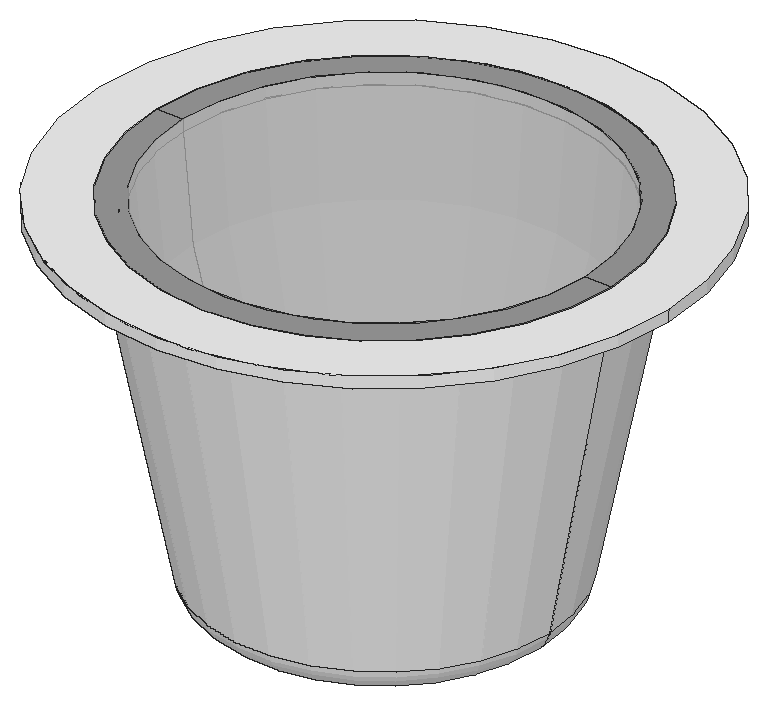
Revit family "2060526 Sylvania Lighting Fixture ASCENT100 II ARCH 1200 4K STD EMG 120", category Lighting Fixtures, host Face, Revit 2016
Family settings
  Host = Face
  Part Type = Normal
  Round Connector Dimension = Use Diameter
  OmniClass Number = 23.80.70.11.17
  OmniClass Title = Specialized Lighting by Location or Use
  Cut with Voids When Loaded = No
  Light Source = Yes
  Shared = No
  Room Calculation Point = No
Parameters (values of type "2060526 ASCT100 II ARCH 1200 4K STD EMG 120 Emergency mode")
  Weight = "1.43 kg"
  WarrantyStartDate [instance] = "n/a"
  WarrantyGuarantorParts = "n/a"
  WarrantyDurationUnit = "n/a"
  WarrantyDurationParts = "n/a"
  WarrantyDescription = "n/a"
  Voltage = 0 V
  TypeName = "ASCT100 II ARCH 1200 4K STD EMG 120 Emergency mode"
  SerialNumber [instance] = "n/a"
  ReflectorRadius_SYL = Radius_SYL - 15.0 mm  # 60.0 mm
  PowerFactor = 0
  PowerConsumption = "12 W"
  NominalWidth = 0.0 mm
  NominalLength = 0.0 mm
  NominalHeight = 94.0 mm
  Name = "ASCT100 II ARCH 1200 4K STD EMG 120 Emergency mode"
  ModelReference = "ASCT100 II ARCH 1200 4K STD EMG 120 Emergency mode"
  ModelNumber = "2060526"
  Material_4_SYL = Aluminium_Sylvania_Ascent_Silver
  Radius_SYL = 75.0 mm
  Wattage = 1.67647 W
  built-in parameter 1150110 = 1 (stored number, unit not read)
  URL = "http://www.sylvania-lighting.com"
  built-in parameter 1114217 = 1 (stored number, unit not read)
  Tilt Angle = -90°
  built-in parameter 1150109 = 1 (stored number, unit not read)
  built-in parameter 1150134 = 12
  built-in parameter 1150113 = 1 (stored number, unit not read)
  Photometric Web File = "2060526EM.ies"
  Material = "aluminium housing, acrylic diffuser"
  ManufacturerName = "Feilo Sylvania"
  LuminousEfficacy = "102 lm/W"
  LuminaireType = ""
  LightOutputRatio = "100"
  LampsType = Lamp  # "LED"
  LampNominalLuminous = "1228 lm"
  LampMacAdamStep = "n/a"
  LampColourTemperature = "4000 K"
  LampColourRenderingIndex = "80"
  Keynote = "16500"
  InstallationDate [instance] = "n/a"
  InputVoltage = "n/a"
  InputNominalFrequency = "n/a"
  IngressProtection = "IP40"
  ImpactProtectionIndex = "IK02"
  IfcExportType = "IfcLightFixtureType"
  IfcExportAs = "IfcLightFixtureType"
  Height_SYL = 94.0 mm
  ExpectedLife = 50000
  Emit from Circle Diameter = 2 * DiffuserRadius_SYL  # 106.0 mm
  Emit Shape Visible in Rendering = no
  ElectricShockClassification = "Class II"
  DurationUnit = "hours"
  DocumentationLiterature = "http://www.sylvania-lighting.com/product/en-int/products/2060526"
  DimmingControlOptions = "n/a"
  DiffuserRadius_SYL = ReflectorRadius_SYL - 7.0 mm  # 53.0 mm
  Material_3_SYL = Polycarbonate_Sylvania_Ascent_Clear
  Diameter_SYL = 2 * Radius_SYL  # 150.0 mm
  CutoutDiameter_SYL = Diameter_SYL - 13.0 mm  # 137.0 mm
  CreatedOn = "9/17/2018"
  CreatedBy = "@sylvania-lighting.com"
  built-in parameter 1114216 [instance] = 1 (stored number, unit not read)
  Model = "ASCT100 II ARCH 1200 4K STD EMG 120 Emergency mode"
  Manufacturer = "Feilo Sylvania"
  built-in parameter 1150105 = 13.608 (stored number, unit not read)
  Lumens = 171 lm
  built-in parameter 1150115 = 1 (stored number, unit not read)
  built-in parameter 1150137 = (empty or 0)
  built-in parameter 1150139 = (empty or 0)
  built-in parameter 1150112 = 1 (stored number, unit not read)
  built-in parameter 1150114 = 1 (stored number, unit not read)
  Lamp = "LED"
  built-in parameter 1150132 = 2
  built-in parameter 1150102 = (empty or 0)
  built-in parameter 1150107 = 4000 (stored number, unit not read)
  built-in parameter 1150138 = (empty or 0)
  built-in parameter 1150106 = 0.13608 (stored number, unit not read)
  Material_1_SYL = Aluminum_Sylvania_Ascent_White
  built-in parameter 1150104 = 9.4761 (stored number, unit not read)
  Dimming Lamp Color Temperature Shift = <None>
  Description = "Direct LED retro fit for original LED 100 Arch (120) single CFL lamp offering Matching lumen levels and improved light distribution of original LED 100 CFL lamp equivalents Typically half the power consumption compared to CFL Up to 104lm/W 120mm aperture Architectural reflector accepts range of glass accessories from existing LED 100 Arch 120 offering HE, HO and VHO versions equivalent of single 1 x 13W, 1 x 18W, 1 x 26W Additional VVHO versions which offer the performance circa 2 x 26W equivalent"  # constant formula
  Default Elevation = 0.0 mm
  Color Filter = 16777215
  built-in parameter 1140040 [instance] = 1
  BarCode [instance] = "n/a"
  built-in parameter 1114218 = 1 (stored number, unit not read)
  built-in parameter 1150133 = 10 (stored number, unit not read)
  AssetType = "Fixed"
  AssetIdentifier [instance] = "n/a"
  Assembly Code = "D5020200"
  Apparent Load = 1.67647 VA
  Aperture_SYL = 2 * ReflectorRadius_SYL  # 120.0 mm
  Material_2_SYL = Aluminum_Sylvania_Ascent_White
Types (2, lengths in mm): name | TypeName | Name | ModelReference | Wattage | Photometric Web File | Model | built-in parameter 1150105 | Lumens | built-in parameter 1150106 | Apparent Load
  2060526 ASCT100 II ARCH 1200 4K STD EMG 120 Emergency mode | "ASCT100 II ARCH 1200 4K STD EMG 120 Emergency mode" | "ASCT100 II ARCH 1200 4K STD EMG 120 Emergency mode" | "ASCT100 II ARCH 1200 4K STD EMG 120 Emergency mode" | 1.67647 W | "2060526EM.ies" | "ASCT100 II ARCH 1200 4K STD EMG 120 Emergency mode" | 13.608 (stored number, unit not read) | 171 lm | 0.13608 (stored number, unit not read) | 1.67647 VA
  2060526 ASCT100 II ARCH 1200 4K STD EMG 120 | "ASCENT100 II ARCH 1200 4K STD EMG 120" | "ASCENT100 II ARCH 1200 4K STD EMG 120" | "ASCENT100 II ARCH 1200 4K STD EMG 120" | 12 W | "2060526.ies" | "ASCENT100 II ARCH 1200 4K STD EMG 120" | 97.403 (stored number, unit not read) | 1224 lm | 0.97403 (stored number, unit not read) | 12 VA
Reference planes
  plane 1 "Center (Front/Back)": y = 0
  plane 2: z = 0
  plane 3 "Center (Left/Right)": x = 0
  plane 4 "Fixture Bottom": z = 3
  plane 5: z = -52.5
  plane 6 "Fixture Top": z = -91
Forms (mm)
  Extrusion 1, solid, material "Aluminum_Sylvania_Ascent_White" <- "Material_2_SYL", detail levels fine
    sketch origin (0, 0, 0) x (1, 0, 0) y (0, 1, 0)
      loop
        circle (0, 0) r 75
      loop
        circle (0, 0) r 60
    from 0 to 3
  Extrusion 2, void
    sketch origin (0, 0, 0) x (1, 0, 0) y (0, 1, 0)
      loop
        circle (0, 0) r 68.5
    from -91 to 3
  Revolve 3, solid, material "Aluminum_Sylvania_Ascent_White" <- "Material_1_SYL", detail levels fine
    sketch origin (0, 0, 0) x (1, 0, 0) y (0, 0, 1)
      loop
        line (0, -91.073) -> (0, -89.023) -> (-35.468, -89.014)
        arc (-35.468, -89.014) -> (-39.352, -87.613) -> (-41.54, -84.139) r 6.307
        line (-41.54, -84.139) -> (-57.991, -2.844) -> (-57.991, 0) -> (-60, 0) -> (-60, -3) -> (-43.5, -84.536)
        arc (-43.5, -84.536) -> (-40.643, -89.203) -> (-35.5, -91.073) r 8.291
        line (-35.5, -91.073) -> (0, -91.073)
      axis (0, 0) -> (0, -91.073)
    angle from 0 to 360
  Revolve 4, solid, material "Aluminium_Sylvania_Ascent_Silver" <- "Material_4_SYL", detail levels fine
    sketch origin (0, 0, 0) x (1, 0, 0) y (0, 0, 1)
      loop
        line (-60, 3) -> (-60, 0) -> (-55, 0)
        arc (-55, 0) -> (-52.349, -26.77) -> (-44.5, -52.5) r 136.5
        line (-44.5, -52.5) -> (-38, -52.5)
        arc (-38, -52.5) -> (-36.857, -61.521) -> (-33.5, -69.971) r 36.166
        line (-33.5, -69.971) -> (0, -69.971) -> (0, -50.5) -> (-43.16, -50.5)
        arc (-43.16, -50.5) -> (-50.517, -25.725) -> (-53, 0) r 134.5
        line (-53, 0) -> (-53, 3) -> (-60, 3)
      axis (0, 3) -> (0, -69.971)
    angle from 0 to 360
  Extrusion 5, solid, material "Polycarbonate_Sylvania_Ascent_Clear" <- "Material_3_SYL", detail levels fine
    sketch origin (0, 0, 0) x (1, 0, 0) y (0, 1, 0)
      loop
        circle (0, 0) r 53
    from 0 to 3
  Revolve 6, solid, material "Aluminum_Sylvania_Ascent_White" <- "Material_2_SYL", detail levels coarse+medium
    sketch origin (0, 0, 0) x (1, 0, 0) y (0, 0, 1)
      loop
        line (0, -91.073) -> (0, 3) -> (-75, 3) -> (-75, 0) -> (-60, 0) -> (-60, -3) -> (-43.5, -84.536)
        arc (-43.5, -84.536) -> (-40.643, -89.203) -> (-35.5, -91.073) r 8.291
        line (-35.5, -91.073) -> (0, -91.073)
      axis (0, 3) -> (0, -91.073)
    angle from 0 to 360
Dimensions and locks
  locked: plane 4 "Fixture Bottom" to plane 2 at 3
  "Height_SYL": plane 4 "Fixture Bottom" to plane 6 "Fixture Top"
  "ReflectorRadius_SYL": plane 3 "Center (Left/Right)" to Revolve 4 sketch curve
  locked: Revolve 4 sketch curve to Revolve 4 sketch curve at 15.5
  locked: Revolve 4 sketch curve to Revolve 4 sketch curve at 5
  locked: Revolve 4 sketch curve to Revolve 4 sketch curve at 7
  locked: Revolve 4 sketch curve to Revolve 4 sketch curve at 22
  locked: Revolve 4 sketch curve to Revolve 4 sketch curve at 26.5
  locked: Revolve 3 sketch curve to Revolve 3 sketch curve at 16.5
  locked: Revolve 3 sketch curve to Revolve 3 sketch curve at 24.5
  "ReflectorRadius_SYL": Revolve 3 sketch curve to plane 3 "Center (Left/Right)"
  locked: Revolve 3 sketch curve to plane 6 "Fixture Top" at 6.464
  locked: plane 2 to Revolve 3 sketch curve at 3
  locked: Revolve 3 sketch curve to Revolve 3 sketch curve at 2
  locked: Revolve 3 sketch curve to Revolve 3 sketch curve at 2.009
  locked: plane 2 to plane 5 at 52.5
  locked: Revolve 6 sketch curve to Revolve 6 sketch curve at 31.5
  locked: Revolve 6 sketch curve to Revolve 6 sketch curve at 39.5
  locked: Revolve 6 sketch curve to Revolve 6 sketch curve at 15
  "Radius_SYL": plane 3 "Center (Left/Right)" to Revolve 6 sketch curve
  "CutoutDiameter_SYL": diameter of Extrusion 2 sketch curve
  "ReflectorRadius_SYL": radius of Extrusion 1 sketch curve
  "DiffuserRadius_SYL": radius of Extrusion 5 sketch curve
  "Radius_SYL": radius of Extrusion 1 sketch curve
  aligned and locked: host face to plane 2
  aligned and locked: host face to level
  aligned and locked: plane 1 "Center (Front/Back)" to imposter light
  aligned and locked: plane 3 "Center (Left/Right)" to imposter light
  aligned and locked: plane 4 "Fixture Bottom" to Extrusion 1
  aligned and locked: Extrusion 1 to plane 2
  aligned and locked: Revolve 3 sketch curve to plane 3 "Center (Left/Right)"
  aligned and locked: Revolve 4 sketch curve to plane 3 "Center (Left/Right)"  (x2)
  aligned and locked: plane 4 "Fixture Bottom" to Revolve 4 sketch curve
  aligned and locked: Revolve 3 sketch curve to imposter light
  aligned and locked: Extrusion 5 to plane 2
  aligned and locked: imposter light to Extrusion 5
  aligned and locked: plane 2 to Revolve 3 sketch curve  (x2)
  aligned and locked: Revolve 6 sketch curve to imposter light
  aligned and locked: Revolve 6 sketch curve to plane 3 "Center (Left/Right)"
  aligned and locked: plane 6 "Fixture Top" to Extrusion 2
  aligned and locked: imposter light to Extrusion 2
  aligned and locked: imposter light to plane 4 "Fixture Bottom"
Automatic sketch dimensions
  plane 1 "Center (Front/Back)" to Extrusion 2 sketch curve = 0.0 mm
  Extrusion 2 sketch curve to plane 3 "Center (Left/Right)" = 0.0 mm
  Extrusion 1 sketch curve to Extrusion 1 sketch curve = 0.0 mm  (x2)
  plane 1 "Center (Front/Back)" to Extrusion 1 sketch curve = 0.0 mm
  Extrusion 1 sketch curve to plane 3 "Center (Left/Right)" = 0.0 mm
  plane 6 "Fixture Top" to Revolve 3 sketch curve = 0.073 mm
  Revolve 3 sketch curve to plane 6 "Fixture Top" = 6.861 mm
  Revolve 3 sketch curve to Revolve 3 sketch curve = 0.003 mm
  Revolve 3 sketch curve to Revolve 3 sketch curve = 0.009 mm  (x2)
  Revolve 3 sketch curve to Revolve 3 sketch curve = 0.023 mm
  Revolve 3 sketch curve to Revolve 3 sketch curve = 0.072 mm
  Revolve 3 sketch curve to Revolve 3 sketch curve = 0.008 mm
  Revolve 3 sketch curve to plane 6 "Fixture Top" = 1.977 mm
  Revolve 3 sketch curve to Revolve 3 sketch curve = 33.496 mm
  Revolve 3 sketch curve to Revolve 3 sketch curve = 0.028 mm
  plane 4 "Fixture Bottom" to Revolve 3 sketch curve = 82.431 mm
  Revolve 4 sketch curve to Revolve 4 sketch curve = 0.0 mm  (x2)
  Revolve 4 sketch curve to plane 5 = 0.0 mm
  Revolve 4 sketch curve to level = 0.0 mm
  plane 5 to Revolve 4 sketch curve = 2.0 mm
  plane 4 "Fixture Bottom" to Revolve 4 sketch curve = 9.642 mm
  plane 1 "Center (Front/Back)" to Extrusion 5 sketch curve = 0.0 mm
  Extrusion 5 sketch curve to plane 3 "Center (Left/Right)" = 0.0 mm
  Revolve 4 sketch curve to level = 69.971 mm
  Revolve 4 sketch curve to Revolve 4 sketch curve = 2.387 mm
  Revolve 6 sketch curve to level = 0.0 mm
  Revolve 6 sketch curve to plane 3 "Center (Left/Right)" = 0.0 mm
  Revolve 6 sketch curve to Revolve 6 sketch curve = 8.104 mm
  Revolve 6 sketch curve to level = 3.0 mm
  Revolve 6 sketch curve to plane 6 "Fixture Top" = 6.464 mm
  plane 6 "Fixture Top" to Revolve 6 sketch curve = 0.073 mm
  Revolve 6 sketch curve to Revolve 6 sketch curve = 33.496 mm
  plane 4 "Fixture Bottom" to Revolve 6 sketch curve = 82.431 mm
  host sketch curve to host sketch curve = 1368.192 mm
  host sketch curve to host sketch curve = 1600.367 mm
Connectors
  electrical at (0, 0, -91.073), driven by "Apparent Load"
    settings: on Revolve 3, index 1, voltage 240 V, apparent load 0 VA, apparent load phase1 1.67647 VA, apparent load phase2 0 VA, apparent load phase3 0 VA, power factor 1, load classification "Lighting", number of poles 1, system type 31, power factor state 1, is connector primary yes, connector utility no, sub classification motor no, connector description ""
